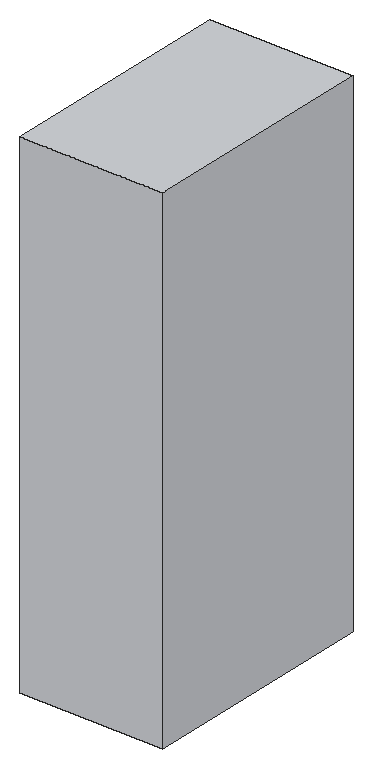
Revit family "機廠TSS_RTU機櫃_600x1000x2100", category 電氣設備, Revit 2025
Family settings
  面板規劃 = 兩欄，回路穿越
  圓形接點標註 = 使用直徑
  組件類型 = 分電盤
  OmniClass 編號 = 23.80.30.11.17
  OmniClass 標題 = Distribution Boards and Control Panels
  以工作平面為基礎 = 否
  總是垂直 = 是
  載入時使用空心切割 = 否
  維持標註方位 = 否
  共用 = 否
  房間計算點 = 否
Parameters (values of type "RTU 與網路機櫃")
  built-in parameter 1155100 [instance] = -1
  Default Elevation = 0 mm
  built-in parameter 1140142 [instance] = -1
  SCADA_高mm [instance] = "2100"
  SCADA_附錄F項次 [instance] = ""
  SCADA_附錄D項次 [instance] = "3"
  SCADA_編號 [instance] = "DEP-TSS-COMS-RTU-01"
  SCADA_站點 [instance] = "社后機廠"
  SCADA_深mm [instance] = "1000"
  SCADA_機櫃類型 [instance] = "RTU 與網路機櫃"
  SCADA_期別 [instance] = "共用"
  SCADA_房間 [instance] = "COMS/SCADA 設備室"
  SCADA_建物 [instance] = "機廠牽引變電站（DTSS）"
  SCADA_尺寸 [instance] = "600W×1000D×2100H"
  SCADA_寬mm [instance] = "600"
  SCADA_定位來源 [instance] = "獨立設備族群（載入專案後定位）"
  SCADA_備註 [instance] = "Rev006 附錄 F 無對應供電項目"
  SCADA_來源文件 [instance] = "Installation SoW_V6（Rev.006, 2026-07-02）附錄 D / F；依原文顏色標示排除已刪除項目"
  SCADA_UPS電源110V [instance] = "V6 附錄 F 無供電項目（Rev006 已刪除 2×1500VA，待 Hitachi 確認）"
  built-in parameter 1140140 [instance] = 1 (stored number, unit not read)
Reference planes
  plane 1 "中心 (前/後)": y = 0
  plane 2: z = 0
  plane 3 "中心 (左/右)": x = 0
Forms (mm)
  Extrusion 1, solid
    sketch origin (0, 0, 0) x (1, 0, 0) y (0, 1, 0)
      loop
        line (-300, -500) -> (300, -500) -> (300, 500) -> (-300, 500) -> (-300, -500)
    from 0 to 2100
Lines and regions (mm)
  model lines, style "開門線"
    curve 1: line (300, -500, 0) -> (300, -1100, 0)
    curve 2: arc (-300, -500, 0) -> (-124.264, -924.264, 0) -> (300, -1100, 0) r 600
    curve 3: line (-300, 500, 0) -> (-300, 1100, 0)
    curve 4: arc (300, 500, 0) -> (124.264, 924.264, 0) -> (-300, 1100, 0) r 600
Dimensions and locks
  aligned and locked: level to plane 2
